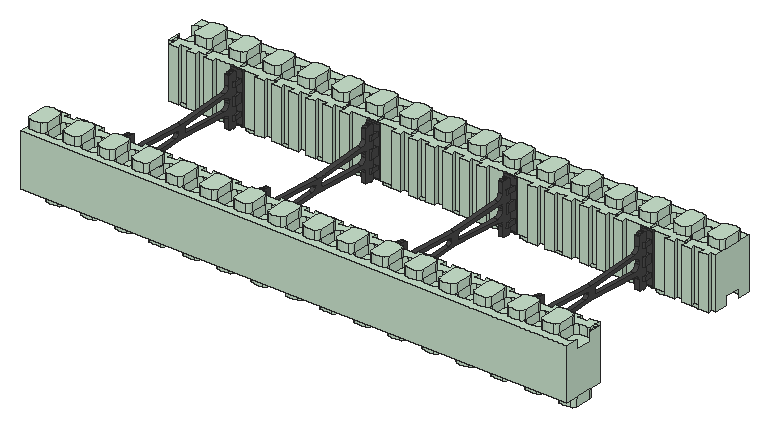
Revit family
Reference planes (in)
  plane 1 "Center (Front/Back)": y = 0
  plane 2: z = 0
  plane 3 "Center (Left/Right)": x = 0
  plane 4: y = 2.625
  plane 5: x = 32
  plane 6: z = 3
  plane 7: y = 10.625
  plane 8: y = 13.25
Forms (in)
  Extrusion 1, solid, material "NUDURA Expanded Polystyrene Foam Insulation"
    sketch origin (0, 0, 0) x (1, 0, 0) y (0, 1, 0)
      loop
        line (0, 2.375) -> (0, 0) -> (32, 0) -> (32, 2.375) -> (31.71883, 2.375) -> (31.78117, 2.625) -> (31.21883, 2.625) -> (31.28117, 2.375) -> (30.71883, 2.375) -> (30.78117, 2.625) -> (30.21883, 2.625) -> (30.28117, 2.375) -> (29.71883, 2.375) -> (29.78117, 2.625) -> (29.21883, 2.625) -> (29.28117, 2.375) -> (26.71883, 2.375) -> (26.78117, 2.625) -> (26.21883, 2.625) -> (26.28117, 2.375) -> (25.71883, 2.375) -> (25.78117, 2.625) -> (25.21883, 2.625) -> (25.28117, 2.375) -> (24.71883, 2.375) -> (24.78117, 2.625) -> (24.21883, 2.625) -> (24.28117, 2.375) -> (23.71883, 2.375) -> (23.78117, 2.625) -> (23.21883, 2.625) -> (23.28117, 2.375) -> (22.71883, 2.375) -> (22.78117, 2.625) -> (22.21883, 2.625) -> (22.28117, 2.375) -> (21.71883, 2.375) -> (21.78117, 2.625) -> (21.21883, 2.625) -> (21.28117, 2.375) -> (18.71883, 2.375) -> (18.78117, 2.625) -> (18.21883, 2.625) -> (18.28117, 2.375) -> (17.71883, 2.375) -> (17.78117, 2.625) -> (17.21883, 2.625) -> (17.28117, 2.375) -> (16.71883, 2.375) -> (16.78117, 2.625) -> (16.21883, 2.625) -> (16.28117, 2.375) -> (15.71883, 2.375) -> (15.78117, 2.625) -> (15.21883, 2.625) -> (15.28117, 2.375) -> (14.71883, 2.375) -> (14.78117, 2.625) -> (14.21883, 2.625) -> (14.28117, 2.375) -> (13.71883, 2.375) -> (13.78117, 2.625) -> (13.21883, 2.625) -> (13.28117, 2.375) -> (10.71883, 2.375) -> (10.78117, 2.625) -> (10.21883, 2.625) -> (10.28117, 2.375) -> (9.71883, 2.375) -> (9.78117, 2.625) -> (9.21883, 2.625) -> (9.28117, 2.375) -> (8.71883, 2.375) -> (8.78117, 2.625) -> (8.21883, 2.625) -> (8.28117, 2.375) -> (7.71883, 2.375) -> (7.78117, 2.625) -> (7.21883, 2.625) -> (7.28117, 2.375) -> (6.71883, 2.375) -> (6.78117, 2.625) -> (6.21883, 2.625) -> (6.28117, 2.375) -> (5.71883, 2.375) -> (5.78117, 2.625) -> (5.21883, 2.625) -> (5.28117, 2.375) -> (2.71883, 2.375) -> (2.78117, 2.625) -> (2.21883, 2.625) -> (2.28117, 2.375) -> (1.71883, 2.375) -> (1.78117, 2.625) -> (1.21883, 2.625) -> (1.28117, 2.375) -> (0.71883, 2.375) -> (0.78117, 2.625) -> (0.21883, 2.625) -> (0.28117, 2.375) -> (0, 2.375)
      loop
        line (0, 10.875) -> (0.28117, 10.875) -> (0.21883, 10.625) -> (0.78117, 10.625) -> (0.71883, 10.875) -> (1.28117, 10.875) -> (1.21883, 10.625) -> (1.78117, 10.625) -> (1.71883, 10.875) -> (2.28117, 10.875) -> (2.21883, 10.625) -> (2.78117, 10.625) -> (2.71883, 10.875) -> (5.28117, 10.875) -> (5.21883, 10.625) -> (5.78117, 10.625) -> (5.71883, 10.875) -> (6.28117, 10.875) -> (6.21883, 10.625) -> (6.78117, 10.625) -> (6.71883, 10.875) -> (7.28117, 10.875) -> (7.21883, 10.625) -> (7.78117, 10.625) -> (7.71883, 10.875) -> (8.28117, 10.875) -> (8.21883, 10.625) -> (8.78117, 10.625) -> (8.71883, 10.875) -> (9.28117, 10.875) -> (9.21883, 10.625) -> (9.78117, 10.625) -> (9.71883, 10.875) -> (10.28117, 10.875) -> (10.21883, 10.625) -> (10.78117, 10.625) -> (10.71883, 10.875) -> (13.28117, 10.875) -> (13.21883, 10.625) -> (13.78117, 10.625) -> (13.71883, 10.875) -> (14.28117, 10.875) -> (14.21883, 10.625) -> (14.78117, 10.625) -> (14.71883, 10.875) -> (15.28117, 10.875) -> (15.21883, 10.625) -> (15.78117, 10.625) -> (15.71883, 10.875) -> (16.28117, 10.875) -> (16.21883, 10.625) -> (16.78117, 10.625) -> (16.71883, 10.875) -> (17.28117, 10.875) -> (17.21883, 10.625) -> (17.78117, 10.625) -> (17.71883, 10.875) -> (18.28117, 10.875) -> (18.21883, 10.625) -> (18.78117, 10.625) -> (18.71883, 10.875) -> (21.28117, 10.875) -> (21.21883, 10.625) -> (21.78117, 10.625) -> (21.71883, 10.875) -> (22.28117, 10.875) -> (22.21883, 10.625) -> (22.78117, 10.625) -> (22.71883, 10.875) -> (23.28117, 10.875) -> (23.21883, 10.625) -> (23.78117, 10.625) -> (23.71883, 10.875) -> (24.28117, 10.875) -> (24.21883, 10.625) -> (24.78117, 10.625) -> (24.71883, 10.875) -> (25.28117, 10.875) -> (25.21883, 10.625) -> (25.78117, 10.625) -> (25.71883, 10.875) -> (26.28117, 10.875) -> (26.21883, 10.625) -> (26.78117, 10.625) -> (26.71883, 10.875) -> (29.28117, 10.875) -> (29.21883, 10.625) -> (29.78117, 10.625) -> (29.71883, 10.875) -> (30.28117, 10.875) -> (30.21883, 10.625) -> (30.78117, 10.625) -> (30.71883, 10.875) -> (31.28117, 10.875) -> (31.21883, 10.625) -> (31.78117, 10.625) -> (31.71883, 10.875) -> (32, 10.875) -> (32, 13.25) -> (0, 13.25) -> (0, 10.875)
    from 0 to 3
  Extrusion 2, void
    sketch origin (0, 0, 0) x (1, 0, 0) y (0, 1, 0)
      loop
        line (1.74592, 2.20655) -> (1.74592, 1.98495)
        arc (1.74592, 1.98495) -> (1.72385, 1.93729) -> (1.67323, 1.92328) r 0.0625
        arc (1.67323, 1.92328) -> (1.42092, 1.93455) -> (1.17308, 1.88595) r 1.0625
        arc (1.17308, 1.88595) -> (1.04785, 1.79517) -> (1, 1.64808) r 0.25
        line (1, 1.64808) -> (1, 0.72692)
        arc (1, 0.72692) -> (1.04785, 0.57983) -> (1.17308, 0.48905) r 0.25
        arc (1.17308, 0.48905) -> (1.5, 0.4375) -> (1.82692, 0.48905) r 1.0625
        arc (1.82692, 0.48905) -> (1.95215, 0.57983) -> (2, 0.72692) r 0.25
        line (2, 0.72692) -> (2, 1.64808)
        arc (2, 1.64808) -> (1.98276, 1.73932) -> (1.9334, 1.81798) r 0.25
        arc (1.9334, 1.81798) -> (1.92106, 1.83764) -> (1.91675, 1.86045) r 0.0625
        line (1.91675, 1.86045) -> (1.91675, 2.20655) -> (1.74592, 2.20655)
    from 3 to 2.5
  Extrusion 3, void
    sketch origin (2, 0, 0) x (1, 0, 0) y (0, 1, 0)
      loop
        line (1.74592, 2.20655) -> (1.74592, 1.98495)
        arc (1.74592, 1.98495) -> (1.72385, 1.93729) -> (1.67323, 1.92328) r 0.0625
        arc (1.67323, 1.92328) -> (1.42092, 1.93455) -> (1.17308, 1.88595) r 1.0625
        arc (1.17308, 1.88595) -> (1.04785, 1.79517) -> (1, 1.64808) r 0.25
        line (1, 1.64808) -> (1, 0.72692)
        arc (1, 0.72692) -> (1.04785, 0.57983) -> (1.17308, 0.48905) r 0.25
        arc (1.17308, 0.48905) -> (1.5, 0.4375) -> (1.82692, 0.48905) r 1.0625
        arc (1.82692, 0.48905) -> (1.95215, 0.57983) -> (2, 0.72692) r 0.25
        line (2, 0.72692) -> (2, 1.64808)
        arc (2, 1.64808) -> (1.98276, 1.73932) -> (1.9334, 1.81798) r 0.25
        arc (1.9334, 1.81798) -> (1.92106, 1.83764) -> (1.91675, 1.86045) r 0.0625
        line (1.91675, 1.86045) -> (1.91675, 2.20655) -> (1.74592, 2.20655)
    from 3 to 2.5
  Extrusion 4, void
    sketch origin (4, 0, 0) x (1, 0, 0) y (0, 1, 0)
      loop
        line (1.74592, 2.20655) -> (1.74592, 1.98495)
        arc (1.74592, 1.98495) -> (1.72385, 1.93729) -> (1.67323, 1.92328) r 0.0625
        arc (1.67323, 1.92328) -> (1.42092, 1.93455) -> (1.17308, 1.88595) r 1.0625
        arc (1.17308, 1.88595) -> (1.04785, 1.79517) -> (1, 1.64808) r 0.25
        line (1, 1.64808) -> (1, 0.72692)
        arc (1, 0.72692) -> (1.04785, 0.57983) -> (1.17308, 0.48905) r 0.25
        arc (1.17308, 0.48905) -> (1.5, 0.4375) -> (1.82692, 0.48905) r 1.0625
        arc (1.82692, 0.48905) -> (1.95215, 0.57983) -> (2, 0.72692) r 0.25
        line (2, 0.72692) -> (2, 1.64808)
        arc (2, 1.64808) -> (1.98276, 1.73932) -> (1.9334, 1.81798) r 0.25
        arc (1.9334, 1.81798) -> (1.92106, 1.83764) -> (1.91675, 1.86045) r 0.0625
        line (1.91675, 1.86045) -> (1.91675, 2.20655) -> (1.74592, 2.20655)
    from 3 to 2.5
  Extrusion 5, void
    sketch origin (6, 0, 0) x (1, 0, 0) y (0, 1, 0)
      loop
        line (1.74592, 2.20655) -> (1.74592, 1.98495)
        arc (1.74592, 1.98495) -> (1.72385, 1.93729) -> (1.67323, 1.92328) r 0.0625
        arc (1.67323, 1.92328) -> (1.42092, 1.93455) -> (1.17308, 1.88595) r 1.0625
        arc (1.17308, 1.88595) -> (1.04785, 1.79517) -> (1, 1.64808) r 0.25
        line (1, 1.64808) -> (1, 0.72692)
        arc (1, 0.72692) -> (1.04785, 0.57983) -> (1.17308, 0.48905) r 0.25
        arc (1.17308, 0.48905) -> (1.5, 0.4375) -> (1.82692, 0.48905) r 1.0625
        arc (1.82692, 0.48905) -> (1.95215, 0.57983) -> (2, 0.72692) r 0.25
        line (2, 0.72692) -> (2, 1.64808)
        arc (2, 1.64808) -> (1.98276, 1.73932) -> (1.9334, 1.81798) r 0.25
        arc (1.9334, 1.81798) -> (1.92106, 1.83764) -> (1.91675, 1.86045) r 0.0625
        line (1.91675, 1.86045) -> (1.91675, 2.20655) -> (1.74592, 2.20655)
    from 3 to 2.5
  Extrusion 6, void
    sketch origin (8, 0, 0) x (1, 0, 0) y (0, 1, 0)
      loop
        line (1.74592, 2.20655) -> (1.74592, 1.98495)
        arc (1.74592, 1.98495) -> (1.72385, 1.93729) -> (1.67323, 1.92328) r 0.0625
        arc (1.67323, 1.92328) -> (1.42092, 1.93455) -> (1.17308, 1.88595) r 1.0625
        arc (1.17308, 1.88595) -> (1.04785, 1.79517) -> (1, 1.64808) r 0.25
        line (1, 1.64808) -> (1, 0.72692)
        arc (1, 0.72692) -> (1.04785, 0.57983) -> (1.17308, 0.48905) r 0.25
        arc (1.17308, 0.48905) -> (1.5, 0.4375) -> (1.82692, 0.48905) r 1.0625
        arc (1.82692, 0.48905) -> (1.95215, 0.57983) -> (2, 0.72692) r 0.25
        line (2, 0.72692) -> (2, 1.64808)
        arc (2, 1.64808) -> (1.98276, 1.73932) -> (1.9334, 1.81798) r 0.25
        arc (1.9334, 1.81798) -> (1.92106, 1.83764) -> (1.91675, 1.86045) r 0.0625
        line (1.91675, 1.86045) -> (1.91675, 2.20655) -> (1.74592, 2.20655)
    from 3 to 2.5
  Extrusion 7, void
    sketch origin (10, 0, 0) x (1, 0, 0) y (0, 1, 0)
      loop
        line (1.74592, 2.20655) -> (1.74592, 1.98495)
        arc (1.74592, 1.98495) -> (1.72385, 1.93729) -> (1.67323, 1.92328) r 0.0625
        arc (1.67323, 1.92328) -> (1.42092, 1.93455) -> (1.17308, 1.88595) r 1.0625
        arc (1.17308, 1.88595) -> (1.04785, 1.79517) -> (1, 1.64808) r 0.25
        line (1, 1.64808) -> (1, 0.72692)
        arc (1, 0.72692) -> (1.04785, 0.57983) -> (1.17308, 0.48905) r 0.25
        arc (1.17308, 0.48905) -> (1.5, 0.4375) -> (1.82692, 0.48905) r 1.0625
        arc (1.82692, 0.48905) -> (1.95215, 0.57983) -> (2, 0.72692) r 0.25
        line (2, 0.72692) -> (2, 1.64808)
        arc (2, 1.64808) -> (1.98276, 1.73932) -> (1.9334, 1.81798) r 0.25
        arc (1.9334, 1.81798) -> (1.92106, 1.83764) -> (1.91675, 1.86045) r 0.0625
        line (1.91675, 1.86045) -> (1.91675, 2.20655) -> (1.74592, 2.20655)
    from 3 to 2.5
  Extrusion 8, void
    sketch origin (12, 0, 0) x (1, 0, 0) y (0, 1, 0)
      loop
        line (1.74592, 2.20655) -> (1.74592, 1.98495)
        arc (1.74592, 1.98495) -> (1.72385, 1.93729) -> (1.67323, 1.92328) r 0.0625
        arc (1.67323, 1.92328) -> (1.42092, 1.93455) -> (1.17308, 1.88595) r 1.0625
        arc (1.17308, 1.88595) -> (1.04785, 1.79517) -> (1, 1.64808) r 0.25
        line (1, 1.64808) -> (1, 0.72692)
        arc (1, 0.72692) -> (1.04785, 0.57983) -> (1.17308, 0.48905) r 0.25
        arc (1.17308, 0.48905) -> (1.5, 0.4375) -> (1.82692, 0.48905) r 1.0625
        arc (1.82692, 0.48905) -> (1.95215, 0.57983) -> (2, 0.72692) r 0.25
        line (2, 0.72692) -> (2, 1.64808)
        arc (2, 1.64808) -> (1.98276, 1.73932) -> (1.9334, 1.81798) r 0.25
        arc (1.9334, 1.81798) -> (1.92106, 1.83764) -> (1.91675, 1.86045) r 0.0625
        line (1.91675, 1.86045) -> (1.91675, 2.20655) -> (1.74592, 2.20655)
    from 3 to 2.5
  Extrusion 9, void
    sketch origin (14, 0, 0) x (1, 0, 0) y (0, 1, 0)
      loop
        line (1.74592, 2.20655) -> (1.74592, 1.98495)
        arc (1.74592, 1.98495) -> (1.72385, 1.93729) -> (1.67323, 1.92328) r 0.0625
        arc (1.67323, 1.92328) -> (1.42092, 1.93455) -> (1.17308, 1.88595) r 1.0625
        arc (1.17308, 1.88595) -> (1.04785, 1.79517) -> (1, 1.64808) r 0.25
        line (1, 1.64808) -> (1, 0.72692)
        arc (1, 0.72692) -> (1.04785, 0.57983) -> (1.17308, 0.48905) r 0.25
        arc (1.17308, 0.48905) -> (1.5, 0.4375) -> (1.82692, 0.48905) r 1.0625
        arc (1.82692, 0.48905) -> (1.95215, 0.57983) -> (2, 0.72692) r 0.25
        line (2, 0.72692) -> (2, 1.64808)
        arc (2, 1.64808) -> (1.98276, 1.73932) -> (1.9334, 1.81798) r 0.25
        arc (1.9334, 1.81798) -> (1.92106, 1.83764) -> (1.91675, 1.86045) r 0.0625
        line (1.91675, 1.86045) -> (1.91675, 2.20655) -> (1.74592, 2.20655)
    from 3 to 2.5
  Extrusion 10, void
    sketch origin (16, 0, 0) x (1, 0, 0) y (0, 1, 0)
      loop
        line (1.74592, 2.20655) -> (1.74592, 1.98495)
        arc (1.74592, 1.98495) -> (1.72385, 1.93729) -> (1.67323, 1.92328) r 0.0625
        arc (1.67323, 1.92328) -> (1.42092, 1.93455) -> (1.17308, 1.88595) r 1.0625
        arc (1.17308, 1.88595) -> (1.04785, 1.79517) -> (1, 1.64808) r 0.25
        line (1, 1.64808) -> (1, 0.72692)
        arc (1, 0.72692) -> (1.04785, 0.57983) -> (1.17308, 0.48905) r 0.25
        arc (1.17308, 0.48905) -> (1.5, 0.4375) -> (1.82692, 0.48905) r 1.0625
        arc (1.82692, 0.48905) -> (1.95215, 0.57983) -> (2, 0.72692) r 0.25
        line (2, 0.72692) -> (2, 1.64808)
        arc (2, 1.64808) -> (1.98276, 1.73932) -> (1.9334, 1.81798) r 0.25
        arc (1.9334, 1.81798) -> (1.92106, 1.83764) -> (1.91675, 1.86045) r 0.0625
        line (1.91675, 1.86045) -> (1.91675, 2.20655) -> (1.74592, 2.20655)
    from 3 to 2.5
  Extrusion 11, void
    sketch origin (18, 0, 0) x (1, 0, 0) y (0, 1, 0)
      loop
        line (1.74592, 2.20655) -> (1.74592, 1.98495)
        arc (1.74592, 1.98495) -> (1.72385, 1.93729) -> (1.67323, 1.92328) r 0.0625
        arc (1.67323, 1.92328) -> (1.42092, 1.93455) -> (1.17308, 1.88595) r 1.0625
        arc (1.17308, 1.88595) -> (1.04785, 1.79517) -> (1, 1.64808) r 0.25
        line (1, 1.64808) -> (1, 0.72692)
        arc (1, 0.72692) -> (1.04785, 0.57983) -> (1.17308, 0.48905) r 0.25
        arc (1.17308, 0.48905) -> (1.5, 0.4375) -> (1.82692, 0.48905) r 1.0625
        arc (1.82692, 0.48905) -> (1.95215, 0.57983) -> (2, 0.72692) r 0.25
        line (2, 0.72692) -> (2, 1.64808)
        arc (2, 1.64808) -> (1.98276, 1.73932) -> (1.9334, 1.81798) r 0.25
        arc (1.9334, 1.81798) -> (1.92106, 1.83764) -> (1.91675, 1.86045) r 0.0625
        line (1.91675, 1.86045) -> (1.91675, 2.20655) -> (1.74592, 2.20655)
    from 3 to 2.5
  Extrusion 12, void
    sketch origin (20, 0, 0) x (1, 0, 0) y (0, 1, 0)
      loop
        line (1.74592, 2.20655) -> (1.74592, 1.98495)
        arc (1.74592, 1.98495) -> (1.72385, 1.93729) -> (1.67323, 1.92328) r 0.0625
        arc (1.67323, 1.92328) -> (1.42092, 1.93455) -> (1.17308, 1.88595) r 1.0625
        arc (1.17308, 1.88595) -> (1.04785, 1.79517) -> (1, 1.64808) r 0.25
        line (1, 1.64808) -> (1, 0.72692)
        arc (1, 0.72692) -> (1.04785, 0.57983) -> (1.17308, 0.48905) r 0.25
        arc (1.17308, 0.48905) -> (1.5, 0.4375) -> (1.82692, 0.48905) r 1.0625
        arc (1.82692, 0.48905) -> (1.95215, 0.57983) -> (2, 0.72692) r 0.25
        line (2, 0.72692) -> (2, 1.64808)
        arc (2, 1.64808) -> (1.98276, 1.73932) -> (1.9334, 1.81798) r 0.25
        arc (1.9334, 1.81798) -> (1.92106, 1.83764) -> (1.91675, 1.86045) r 0.0625
        line (1.91675, 1.86045) -> (1.91675, 2.20655) -> (1.74592, 2.20655)
    from 3 to 2.5
  Extrusion 13, void
    sketch origin (22, 0, 0) x (1, 0, 0) y (0, 1, 0)
      loop
        line (1.74592, 2.20655) -> (1.74592, 1.98495)
        arc (1.74592, 1.98495) -> (1.72385, 1.93729) -> (1.67323, 1.92328) r 0.0625
        arc (1.67323, 1.92328) -> (1.42092, 1.93455) -> (1.17308, 1.88595) r 1.0625
        arc (1.17308, 1.88595) -> (1.04785, 1.79517) -> (1, 1.64808) r 0.25
        line (1, 1.64808) -> (1, 0.72692)
        arc (1, 0.72692) -> (1.04785, 0.57983) -> (1.17308, 0.48905) r 0.25
        arc (1.17308, 0.48905) -> (1.5, 0.4375) -> (1.82692, 0.48905) r 1.0625
        arc (1.82692, 0.48905) -> (1.95215, 0.57983) -> (2, 0.72692) r 0.25
        line (2, 0.72692) -> (2, 1.64808)
        arc (2, 1.64808) -> (1.98276, 1.73932) -> (1.9334, 1.81798) r 0.25
        arc (1.9334, 1.81798) -> (1.92106, 1.83764) -> (1.91675, 1.86045) r 0.0625
        line (1.91675, 1.86045) -> (1.91675, 2.20655) -> (1.74592, 2.20655)
    from 3 to 2.5
  Extrusion 14, void
    sketch origin (24, 0, 0) x (1, 0, 0) y (0, 1, 0)
      loop
        line (1.74592, 2.20655) -> (1.74592, 1.98495)
        arc (1.74592, 1.98495) -> (1.72385, 1.93729) -> (1.67323, 1.92328) r 0.0625
        arc (1.67323, 1.92328) -> (1.42092, 1.93455) -> (1.17308, 1.88595) r 1.0625
        arc (1.17308, 1.88595) -> (1.04785, 1.79517) -> (1, 1.64808) r 0.25
        line (1, 1.64808) -> (1, 0.72692)
        arc (1, 0.72692) -> (1.04785, 0.57983) -> (1.17308, 0.48905) r 0.25
        arc (1.17308, 0.48905) -> (1.5, 0.4375) -> (1.82692, 0.48905) r 1.0625
        arc (1.82692, 0.48905) -> (1.95215, 0.57983) -> (2, 0.72692) r 0.25
        line (2, 0.72692) -> (2, 1.64808)
        arc (2, 1.64808) -> (1.98276, 1.73932) -> (1.9334, 1.81798) r 0.25
        arc (1.9334, 1.81798) -> (1.92106, 1.83764) -> (1.91675, 1.86045) r 0.0625
        line (1.91675, 1.86045) -> (1.91675, 2.20655) -> (1.74592, 2.20655)
    from 3 to 2.5
  Extrusion 15, void
    sketch origin (26, 0, 0) x (1, 0, 0) y (0, 1, 0)
      loop
        line (1.74592, 2.20655) -> (1.74592, 1.98495)
        arc (1.74592, 1.98495) -> (1.72385, 1.93729) -> (1.67323, 1.92328) r 0.0625
        arc (1.67323, 1.92328) -> (1.42092, 1.93455) -> (1.17308, 1.88595) r 1.0625
        arc (1.17308, 1.88595) -> (1.04785, 1.79517) -> (1, 1.64808) r 0.25
        line (1, 1.64808) -> (1, 0.72692)
        arc (1, 0.72692) -> (1.04785, 0.57983) -> (1.17308, 0.48905) r 0.25
        arc (1.17308, 0.48905) -> (1.5, 0.4375) -> (1.82692, 0.48905) r 1.0625
        arc (1.82692, 0.48905) -> (1.95215, 0.57983) -> (2, 0.72692) r 0.25
        line (2, 0.72692) -> (2, 1.64808)
        arc (2, 1.64808) -> (1.98276, 1.73932) -> (1.9334, 1.81798) r 0.25
        arc (1.9334, 1.81798) -> (1.92106, 1.83764) -> (1.91675, 1.86045) r 0.0625
        line (1.91675, 1.86045) -> (1.91675, 2.20655) -> (1.74592, 2.20655)
    from 3 to 2.5
  Extrusion 16, void
    sketch origin (28, 0, 0) x (1, 0, 0) y (0, 1, 0)
      loop
        line (1.74592, 2.20655) -> (1.74592, 1.98495)
        arc (1.74592, 1.98495) -> (1.72385, 1.93729) -> (1.67323, 1.92328) r 0.0625
        arc (1.67323, 1.92328) -> (1.42092, 1.93455) -> (1.17308, 1.88595) r 1.0625
        arc (1.17308, 1.88595) -> (1.04785, 1.79517) -> (1, 1.64808) r 0.25
        line (1, 1.64808) -> (1, 0.72692)
        arc (1, 0.72692) -> (1.04785, 0.57983) -> (1.17308, 0.48905) r 0.25
        arc (1.17308, 0.48905) -> (1.5, 0.4375) -> (1.82692, 0.48905) r 1.0625
        arc (1.82692, 0.48905) -> (1.95215, 0.57983) -> (2, 0.72692) r 0.25
        line (2, 0.72692) -> (2, 1.64808)
        arc (2, 1.64808) -> (1.98276, 1.73932) -> (1.9334, 1.81798) r 0.25
        arc (1.9334, 1.81798) -> (1.92106, 1.83764) -> (1.91675, 1.86045) r 0.0625
        line (1.91675, 1.86045) -> (1.91675, 2.20655) -> (1.74592, 2.20655)
    from 3 to 2.5
  Extrusion 17, void
    sketch origin (30, 0, 0) x (1, 0, 0) y (0, 1, 0)
      loop
        line (1.74592, 2.20655) -> (1.74592, 1.98495)
        arc (1.74592, 1.98495) -> (1.72385, 1.93729) -> (1.67323, 1.92328) r 0.0625
        arc (1.67323, 1.92328) -> (1.42092, 1.93455) -> (1.17308, 1.88595) r 1.0625
        arc (1.17308, 1.88595) -> (1.04785, 1.79517) -> (1, 1.64808) r 0.25
        line (1, 1.64808) -> (1, 0.72692)
        arc (1, 0.72692) -> (1.04785, 0.57983) -> (1.17308, 0.48905) r 0.25
        arc (1.17308, 0.48905) -> (1.5, 0.4375) -> (1.82692, 0.48905) r 1.0625
        arc (1.82692, 0.48905) -> (1.95215, 0.57983) -> (2, 0.72692) r 0.25
        line (2, 0.72692) -> (2, 1.64808)
        arc (2, 1.64808) -> (1.98276, 1.73932) -> (1.9334, 1.81798) r 0.25
        arc (1.9334, 1.81798) -> (1.92106, 1.83764) -> (1.91675, 1.86045) r 0.0625
        line (1.91675, 1.86045) -> (1.91675, 2.20655) -> (1.74592, 2.20655)
    from 3 to 2.5
  Extrusion 18, void
    sketch origin (0, 0, 0) x (1, 0, 0) y (0, 1, 0)
      loop
        line (0.25408, 2.20655) -> (0.08325, 2.20655) -> (0.08325, 1.86045)
        arc (0.08325, 1.86045) -> (0.07894, 1.83764) -> (0.0666, 1.81798) r 0.0625
        arc (0.0666, 1.81798) -> (0.01724, 1.73932) -> (0, 1.64808) r 0.25
        line (0, 1.64808) -> (0, 0.72692)
        arc (0, 0.72692) -> (0.04785, 0.57983) -> (0.17308, 0.48905) r 0.25
        arc (0.17308, 0.48905) -> (0.5, 0.4375) -> (0.82692, 0.48905) r 1.0625
        arc (0.82692, 0.48905) -> (0.95215, 0.57983) -> (1, 0.72692) r 0.25
        line (1, 0.72692) -> (1, 1.64808)
        arc (1, 1.64808) -> (0.95215, 1.79517) -> (0.82692, 1.88595) r 0.25
        arc (0.82692, 1.88595) -> (0.57908, 1.93455) -> (0.32677, 1.92328) r 1.0625
        arc (0.32677, 1.92328) -> (0.27615, 1.93729) -> (0.25408, 1.98495) r 0.0625
        line (0.25408, 1.98495) -> (0.25408, 2.20655)
    from 0 to 0.5
  Extrusion 19, void
    sketch origin (2, 0, 0) x (1, 0, 0) y (0, 1, 0)
      loop
        line (0.25408, 2.20655) -> (0.08325, 2.20655) -> (0.08325, 1.86045)
        arc (0.08325, 1.86045) -> (0.07894, 1.83764) -> (0.0666, 1.81798) r 0.0625
        arc (0.0666, 1.81798) -> (0.01724, 1.73932) -> (0, 1.64808) r 0.25
        line (0, 1.64808) -> (0, 0.72692)
        arc (0, 0.72692) -> (0.04785, 0.57983) -> (0.17308, 0.48905) r 0.25
        arc (0.17308, 0.48905) -> (0.5, 0.4375) -> (0.82692, 0.48905) r 1.0625
        arc (0.82692, 0.48905) -> (0.95215, 0.57983) -> (1, 0.72692) r 0.25
        line (1, 0.72692) -> (1, 1.64808)
        arc (1, 1.64808) -> (0.95215, 1.79517) -> (0.82692, 1.88595) r 0.25
        arc (0.82692, 1.88595) -> (0.57908, 1.93455) -> (0.32677, 1.92328) r 1.0625
        arc (0.32677, 1.92328) -> (0.27615, 1.93729) -> (0.25408, 1.98495) r 0.0625
        line (0.25408, 1.98495) -> (0.25408, 2.20655)
    from 0 to 0.5
  Extrusion 20, void
    sketch origin (4, 0, 0) x (1, 0, 0) y (0, 1, 0)
      loop
        line (0.25408, 2.20655) -> (0.08325, 2.20655) -> (0.08325, 1.86045)
        arc (0.08325, 1.86045) -> (0.07894, 1.83764) -> (0.0666, 1.81798) r 0.0625
        arc (0.0666, 1.81798) -> (0.01724, 1.73932) -> (0, 1.64808) r 0.25
        line (0, 1.64808) -> (0, 0.72692)
        arc (0, 0.72692) -> (0.04785, 0.57983) -> (0.17308, 0.48905) r 0.25
        arc (0.17308, 0.48905) -> (0.5, 0.4375) -> (0.82692, 0.48905) r 1.0625
        arc (0.82692, 0.48905) -> (0.95215, 0.57983) -> (1, 0.72692) r 0.25
        line (1, 0.72692) -> (1, 1.64808)
        arc (1, 1.64808) -> (0.95215, 1.79517) -> (0.82692, 1.88595) r 0.25
        arc (0.82692, 1.88595) -> (0.57908, 1.93455) -> (0.32677, 1.92328) r 1.0625
        arc (0.32677, 1.92328) -> (0.27615, 1.93729) -> (0.25408, 1.98495) r 0.0625
        line (0.25408, 1.98495) -> (0.25408, 2.20655)
    from 0 to 0.5
  Extrusion 21, void
    sketch origin (6, 0, 0) x (1, 0, 0) y (0, 1, 0)
      loop
        line (0.25408, 2.20655) -> (0.08325, 2.20655) -> (0.08325, 1.86045)
        arc (0.08325, 1.86045) -> (0.07894, 1.83764) -> (0.0666, 1.81798) r 0.0625
        arc (0.0666, 1.81798) -> (0.01724, 1.73932) -> (0, 1.64808) r 0.25
        line (0, 1.64808) -> (0, 0.72692)
        arc (0, 0.72692) -> (0.04785, 0.57983) -> (0.17308, 0.48905) r 0.25
        arc (0.17308, 0.48905) -> (0.5, 0.4375) -> (0.82692, 0.48905) r 1.0625
        arc (0.82692, 0.48905) -> (0.95215, 0.57983) -> (1, 0.72692) r 0.25
        line (1, 0.72692) -> (1, 1.64808)
        arc (1, 1.64808) -> (0.95215, 1.79517) -> (0.82692, 1.88595) r 0.25
        arc (0.82692, 1.88595) -> (0.57908, 1.93455) -> (0.32677, 1.92328) r 1.0625
        arc (0.32677, 1.92328) -> (0.27615, 1.93729) -> (0.25408, 1.98495) r 0.0625
        line (0.25408, 1.98495) -> (0.25408, 2.20655)
    from 0 to 0.5
  Extrusion 22, void
    sketch origin (8, 0, 0) x (1, 0, 0) y (0, 1, 0)
      loop
        line (0.25408, 2.20655) -> (0.08325, 2.20655) -> (0.08325, 1.86045)
        arc (0.08325, 1.86045) -> (0.07894, 1.83764) -> (0.0666, 1.81798) r 0.0625
        arc (0.0666, 1.81798) -> (0.01724, 1.73932) -> (0, 1.64808) r 0.25
        line (0, 1.64808) -> (0, 0.72692)
        arc (0, 0.72692) -> (0.04785, 0.57983) -> (0.17308, 0.48905) r 0.25
        arc (0.17308, 0.48905) -> (0.5, 0.4375) -> (0.82692, 0.48905) r 1.0625
        arc (0.82692, 0.48905) -> (0.95215, 0.57983) -> (1, 0.72692) r 0.25
        line (1, 0.72692) -> (1, 1.64808)
        arc (1, 1.64808) -> (0.95215, 1.79517) -> (0.82692, 1.88595) r 0.25
        arc (0.82692, 1.88595) -> (0.57908, 1.93455) -> (0.32677, 1.92328) r 1.0625
        arc (0.32677, 1.92328) -> (0.27615, 1.93729) -> (0.25408, 1.98495) r 0.0625
        line (0.25408, 1.98495) -> (0.25408, 2.20655)
    from 0 to 0.5
  Extrusion 23, void
    sketch origin (10, 0, 0) x (1, 0, 0) y (0, 1, 0)
      loop
        line (0.25408, 2.20655) -> (0.08325, 2.20655) -> (0.08325, 1.86045)
        arc (0.08325, 1.86045) -> (0.07894, 1.83764) -> (0.0666, 1.81798) r 0.0625
        arc (0.0666, 1.81798) -> (0.01724, 1.73932) -> (0, 1.64808) r 0.25
        line (0, 1.64808) -> (0, 0.72692)
        arc (0, 0.72692) -> (0.04785, 0.57983) -> (0.17308, 0.48905) r 0.25
        arc (0.17308, 0.48905) -> (0.5, 0.4375) -> (0.82692, 0.48905) r 1.0625
        arc (0.82692, 0.48905) -> (0.95215, 0.57983) -> (1, 0.72692) r 0.25
        line (1, 0.72692) -> (1, 1.64808)
        arc (1, 1.64808) -> (0.95215, 1.79517) -> (0.82692, 1.88595) r 0.25
        arc (0.82692, 1.88595) -> (0.57908, 1.93455) -> (0.32677, 1.92328) r 1.0625
        arc (0.32677, 1.92328) -> (0.27615, 1.93729) -> (0.25408, 1.98495) r 0.0625
        line (0.25408, 1.98495) -> (0.25408, 2.20655)
    from 0 to 0.5
  Extrusion 24, void
    sketch origin (12, 0, 0) x (1, 0, 0) y (0, 1, 0)
      loop
        line (0.25408, 2.20655) -> (0.08325, 2.20655) -> (0.08325, 1.86045)
        arc (0.08325, 1.86045) -> (0.07894, 1.83764) -> (0.0666, 1.81798) r 0.0625
        arc (0.0666, 1.81798) -> (0.01724, 1.73932) -> (0, 1.64808) r 0.25
        line (0, 1.64808) -> (0, 0.72692)
        arc (0, 0.72692) -> (0.04785, 0.57983) -> (0.17308, 0.48905) r 0.25
        arc (0.17308, 0.48905) -> (0.5, 0.4375) -> (0.82692, 0.48905) r 1.0625
        arc (0.82692, 0.48905) -> (0.95215, 0.57983) -> (1, 0.72692) r 0.25
        line (1, 0.72692) -> (1, 1.64808)
        arc (1, 1.64808) -> (0.95215, 1.79517) -> (0.82692, 1.88595) r 0.25
        arc (0.82692, 1.88595) -> (0.57908, 1.93455) -> (0.32677, 1.92328) r 1.0625
        arc (0.32677, 1.92328) -> (0.27615, 1.93729) -> (0.25408, 1.98495) r 0.0625
        line (0.25408, 1.98495) -> (0.25408, 2.20655)
    from 0 to 0.5
  Extrusion 25, void
    sketch origin (14, 0, 0) x (1, 0, 0) y (0, 1, 0)
      loop
        line (0.25408, 2.20655) -> (0.08325, 2.20655) -> (0.08325, 1.86045)
        arc (0.08325, 1.86045) -> (0.07894, 1.83764) -> (0.0666, 1.81798) r 0.0625
        arc (0.0666, 1.81798) -> (0.01724, 1.73932) -> (0, 1.64808) r 0.25
        line (0, 1.64808) -> (0, 0.72692)
        arc (0, 0.72692) -> (0.04785, 0.57983) -> (0.17308, 0.48905) r 0.25
        arc (0.17308, 0.48905) -> (0.5, 0.4375) -> (0.82692, 0.48905) r 1.0625
        arc (0.82692, 0.48905) -> (0.95215, 0.57983) -> (1, 0.72692) r 0.25
        line (1, 0.72692) -> (1, 1.64808)
        arc (1, 1.64808) -> (0.95215, 1.79517) -> (0.82692, 1.88595) r 0.25
        arc (0.82692, 1.88595) -> (0.57908, 1.93455) -> (0.32677, 1.92328) r 1.0625
        arc (0.32677, 1.92328) -> (0.27615, 1.93729) -> (0.25408, 1.98495) r 0.0625
        line (0.25408, 1.98495) -> (0.25408, 2.20655)
    from 0 to 0.5
  Extrusion 26, void
    sketch origin (16, 0, 0) x (1, 0, 0) y (0, 1, 0)
      loop
        line (0.25408, 2.20655) -> (0.08325, 2.20655) -> (0.08325, 1.86045)
        arc (0.08325, 1.86045) -> (0.07894, 1.83764) -> (0.0666, 1.81798) r 0.0625
        arc (0.0666, 1.81798) -> (0.01724, 1.73932) -> (0, 1.64808) r 0.25
        line (0, 1.64808) -> (0, 0.72692)
        arc (0, 0.72692) -> (0.04785, 0.57983) -> (0.17308, 0.48905) r 0.25
        arc (0.17308, 0.48905) -> (0.5, 0.4375) -> (0.82692, 0.48905) r 1.0625
        arc (0.82692, 0.48905) -> (0.95215, 0.57983) -> (1, 0.72692) r 0.25
        line (1, 0.72692) -> (1, 1.64808)
        arc (1, 1.64808) -> (0.95215, 1.79517) -> (0.82692, 1.88595) r 0.25
        arc (0.82692, 1.88595) -> (0.57908, 1.93455) -> (0.32677, 1.92328) r 1.0625
        arc (0.32677, 1.92328) -> (0.27615, 1.93729) -> (0.25408, 1.98495) r 0.0625
        line (0.25408, 1.98495) -> (0.25408, 2.20655)
    from 0 to 0.5
  Extrusion 27, void
    sketch origin (18, 0, 0) x (1, 0, 0) y (0, 1, 0)
      loop
        line (0.25408, 2.20655) -> (0.08325, 2.20655) -> (0.08325, 1.86045)
        arc (0.08325, 1.86045) -> (0.07894, 1.83764) -> (0.0666, 1.81798) r 0.0625
        arc (0.0666, 1.81798) -> (0.01724, 1.73932) -> (0, 1.64808) r 0.25
        line (0, 1.64808) -> (0, 0.72692)
        arc (0, 0.72692) -> (0.04785, 0.57983) -> (0.17308, 0.48905) r 0.25
        arc (0.17308, 0.48905) -> (0.5, 0.4375) -> (0.82692, 0.48905) r 1.0625
        arc (0.82692, 0.48905) -> (0.95215, 0.57983) -> (1, 0.72692) r 0.25
        line (1, 0.72692) -> (1, 1.64808)
        arc (1, 1.64808) -> (0.95215, 1.79517) -> (0.82692, 1.88595) r 0.25
        arc (0.82692, 1.88595) -> (0.57908, 1.93455) -> (0.32677, 1.92328) r 1.0625
        arc (0.32677, 1.92328) -> (0.27615, 1.93729) -> (0.25408, 1.98495) r 0.0625
        line (0.25408, 1.98495) -> (0.25408, 2.20655)
    from 0 to 0.5
  Extrusion 28, void
    sketch origin (20, 0, 0) x (1, 0, 0) y (0, 1, 0)
      loop
        line (0.25408, 2.20655) -> (0.08325, 2.20655) -> (0.08325, 1.86045)
        arc (0.08325, 1.86045) -> (0.07894, 1.83764) -> (0.0666, 1.81798) r 0.0625
        arc (0.0666, 1.81798) -> (0.01724, 1.73932) -> (0, 1.64808) r 0.25
        line (0, 1.64808) -> (0, 0.72692)
        arc (0, 0.72692) -> (0.04785, 0.57983) -> (0.17308, 0.48905) r 0.25
        arc (0.17308, 0.48905) -> (0.5, 0.4375) -> (0.82692, 0.48905) r 1.0625
        arc (0.82692, 0.48905) -> (0.95215, 0.57983) -> (1, 0.72692) r 0.25
        line (1, 0.72692) -> (1, 1.64808)
        arc (1, 1.64808) -> (0.95215, 1.79517) -> (0.82692, 1.88595) r 0.25
        arc (0.82692, 1.88595) -> (0.57908, 1.93455) -> (0.32677, 1.92328) r 1.0625
        arc (0.32677, 1.92328) -> (0.27615, 1.93729) -> (0.25408, 1.98495) r 0.0625
        line (0.25408, 1.98495) -> (0.25408, 2.20655)
    from 0 to 0.5
  Extrusion 29, void
    sketch origin (22, 0, 0) x (1, 0, 0) y (0, 1, 0)
      loop
        line (0.25408, 2.20655) -> (0.08325, 2.20655) -> (0.08325, 1.86045)
        arc (0.08325, 1.86045) -> (0.07894, 1.83764) -> (0.0666, 1.81798) r 0.0625
        arc (0.0666, 1.81798) -> (0.01724, 1.73932) -> (0, 1.64808) r 0.25
        line (0, 1.64808) -> (0, 0.72692)
        arc (0, 0.72692) -> (0.04785, 0.57983) -> (0.17308, 0.48905) r 0.25
        arc (0.17308, 0.48905) -> (0.5, 0.4375) -> (0.82692, 0.48905) r 1.0625
        arc (0.82692, 0.48905) -> (0.95215, 0.57983) -> (1, 0.72692) r 0.25
        line (1, 0.72692) -> (1, 1.64808)
        arc (1, 1.64808) -> (0.95215, 1.79517) -> (0.82692, 1.88595) r 0.25
        arc (0.82692, 1.88595) -> (0.57908, 1.93455) -> (0.32677, 1.92328) r 1.0625
        arc (0.32677, 1.92328) -> (0.27615, 1.93729) -> (0.25408, 1.98495) r 0.0625
        line (0.25408, 1.98495) -> (0.25408, 2.20655)
    from 0 to 0.5
  Extrusion 30, void
    sketch origin (24, 0, 0) x (1, 0, 0) y (0, 1, 0)
      loop
        line (0.25408, 2.20655) -> (0.08325, 2.20655) -> (0.08325, 1.86045)
        arc (0.08325, 1.86045) -> (0.07894, 1.83764) -> (0.0666, 1.81798) r 0.0625
        arc (0.0666, 1.81798) -> (0.01724, 1.73932) -> (0, 1.64808) r 0.25
        line (0, 1.64808) -> (0, 0.72692)
        arc (0, 0.72692) -> (0.04785, 0.57983) -> (0.17308, 0.48905) r 0.25
        arc (0.17308, 0.48905) -> (0.5, 0.4375) -> (0.82692, 0.48905) r 1.0625
        arc (0.82692, 0.48905) -> (0.95215, 0.57983) -> (1, 0.72692) r 0.25
        line (1, 0.72692) -> (1, 1.64808)
        arc (1, 1.64808) -> (0.95215, 1.79517) -> (0.82692, 1.88595) r 0.25
        arc (0.82692, 1.88595) -> (0.57908, 1.93455) -> (0.32677, 1.92328) r 1.0625
        arc (0.32677, 1.92328) -> (0.27615, 1.93729) -> (0.25408, 1.98495) r 0.0625
        line (0.25408, 1.98495) -> (0.25408, 2.20655)
    from 0 to 0.5
  Extrusion 31, void
    sketch origin (26, 0, 0) x (1, 0, 0) y (0, 1, 0)
      loop
        line (0.25408, 2.20655) -> (0.08325, 2.20655) -> (0.08325, 1.86045)
        arc (0.08325, 1.86045) -> (0.07894, 1.83764) -> (0.0666, 1.81798) r 0.0625
        arc (0.0666, 1.81798) -> (0.01724, 1.73932) -> (0, 1.64808) r 0.25
        line (0, 1.64808) -> (0, 0.72692)
        arc (0, 0.72692) -> (0.04785, 0.57983) -> (0.17308, 0.48905) r 0.25
        arc (0.17308, 0.48905) -> (0.5, 0.4375) -> (0.82692, 0.48905) r 1.0625
        arc (0.82692, 0.48905) -> (0.95215, 0.57983) -> (1, 0.72692) r 0.25
        line (1, 0.72692) -> (1, 1.64808)
        arc (1, 1.64808) -> (0.95215, 1.79517) -> (0.82692, 1.88595) r 0.25
        arc (0.82692, 1.88595) -> (0.57908, 1.93455) -> (0.32677, 1.92328) r 1.0625
        arc (0.32677, 1.92328) -> (0.27615, 1.93729) -> (0.25408, 1.98495) r 0.0625
        line (0.25408, 1.98495) -> (0.25408, 2.20655)
    from 0 to 0.5
  Extrusion 32, void
    sketch origin (28, 0, 0) x (1, 0, 0) y (0, 1, 0)
      loop
        line (0.25408, 2.20655) -> (0.08325, 2.20655) -> (0.08325, 1.86045)
        arc (0.08325, 1.86045) -> (0.07894, 1.83764) -> (0.0666, 1.81798) r 0.0625
        arc (0.0666, 1.81798) -> (0.01724, 1.73932) -> (0, 1.64808) r 0.25
        line (0, 1.64808) -> (0, 0.72692)
        arc (0, 0.72692) -> (0.04785, 0.57983) -> (0.17308, 0.48905) r 0.25
        arc (0.17308, 0.48905) -> (0.5, 0.4375) -> (0.82692, 0.48905) r 1.0625
        arc (0.82692, 0.48905) -> (0.95215, 0.57983) -> (1, 0.72692) r 0.25
        line (1, 0.72692) -> (1, 1.64808)
        arc (1, 1.64808) -> (0.95215, 1.79517) -> (0.82692, 1.88595) r 0.25
        arc (0.82692, 1.88595) -> (0.57908, 1.93455) -> (0.32677, 1.92328) r 1.0625
        arc (0.32677, 1.92328) -> (0.27615, 1.93729) -> (0.25408, 1.98495) r 0.0625
        line (0.25408, 1.98495) -> (0.25408, 2.20655)
    from 0 to 0.5
  Extrusion 33, void
    sketch origin (30, 0, 0) x (1, 0, 0) y (0, 1, 0)
      loop
        line (0.25408, 2.20655) -> (0.08325, 2.20655) -> (0.08325, 1.86045)
        arc (0.08325, 1.86045) -> (0.07894, 1.83764) -> (0.0666, 1.81798) r 0.0625
        arc (0.0666, 1.81798) -> (0.01724, 1.73932) -> (0, 1.64808) r 0.25
        line (0, 1.64808) -> (0, 0.72692)
        arc (0, 0.72692) -> (0.04785, 0.57983) -> (0.17308, 0.48905) r 0.25
        arc (0.17308, 0.48905) -> (0.5, 0.4375) -> (0.82692, 0.48905) r 1.0625
        arc (0.82692, 0.48905) -> (0.95215, 0.57983) -> (1, 0.72692) r 0.25
        line (1, 0.72692) -> (1, 1.64808)
        arc (1, 1.64808) -> (0.95215, 1.79517) -> (0.82692, 1.88595) r 0.25
        arc (0.82692, 1.88595) -> (0.57908, 1.93455) -> (0.32677, 1.92328) r 1.0625
        arc (0.32677, 1.92328) -> (0.27615, 1.93729) -> (0.25408, 1.98495) r 0.0625
        line (0.25408, 1.98495) -> (0.25408, 2.20655)
    from 0 to 0.5
  Extrusion 34, void
    sketch origin (32, 13.25, 0) x (-1, 0, 0) y (0, -1, 0)
      loop
        line (1.74592, 2.20655) -> (1.74592, 1.98495)
        arc (1.74592, 1.98495) -> (1.72385, 1.93729) -> (1.67323, 1.92328) r 0.0625
        arc (1.67323, 1.92328) -> (1.42092, 1.93455) -> (1.17308, 1.88595) r 1.0625
        arc (1.17308, 1.88595) -> (1.04785, 1.79517) -> (1, 1.64808) r 0.25
        line (1, 1.64808) -> (1, 0.72692)
        arc (1, 0.72692) -> (1.04785, 0.57983) -> (1.17308, 0.48905) r 0.25
        arc (1.17308, 0.48905) -> (1.5, 0.4375) -> (1.82692, 0.48905) r 1.0625
        arc (1.82692, 0.48905) -> (1.95215, 0.57983) -> (2, 0.72692) r 0.25
        line (2, 0.72692) -> (2, 1.64808)
        arc (2, 1.64808) -> (1.98276, 1.73932) -> (1.9334, 1.81798) r 0.25
        arc (1.9334, 1.81798) -> (1.92106, 1.83764) -> (1.91675, 1.86045) r 0.0625
        line (1.91675, 1.86045) -> (1.91675, 2.20655) -> (1.74592, 2.20655)
    from 3 to 2.5
  Extrusion 35, void
    sketch origin (30, 13.25, 0) x (-1, 0, 0) y (0, -1, 0)
      loop
        line (1.74592, 2.20655) -> (1.74592, 1.98495)
        arc (1.74592, 1.98495) -> (1.72385, 1.93729) -> (1.67323, 1.92328) r 0.0625
        arc (1.67323, 1.92328) -> (1.42092, 1.93455) -> (1.17308, 1.88595) r 1.0625
        arc (1.17308, 1.88595) -> (1.04785, 1.79517) -> (1, 1.64808) r 0.25
        line (1, 1.64808) -> (1, 0.72692)
        arc (1, 0.72692) -> (1.04785, 0.57983) -> (1.17308, 0.48905) r 0.25
        arc (1.17308, 0.48905) -> (1.5, 0.4375) -> (1.82692, 0.48905) r 1.0625
        arc (1.82692, 0.48905) -> (1.95215, 0.57983) -> (2, 0.72692) r 0.25
        line (2, 0.72692) -> (2, 1.64808)
        arc (2, 1.64808) -> (1.98276, 1.73932) -> (1.9334, 1.81798) r 0.25
        arc (1.9334, 1.81798) -> (1.92106, 1.83764) -> (1.91675, 1.86045) r 0.0625
        line (1.91675, 1.86045) -> (1.91675, 2.20655) -> (1.74592, 2.20655)
    from 3 to 2.5
  Extrusion 36, void
    sketch origin (28, 13.25, 0) x (-1, 0, 0) y (0, -1, 0)
      loop
        line (1.74592, 2.20655) -> (1.74592, 1.98495)
        arc (1.74592, 1.98495) -> (1.72385, 1.93729) -> (1.67323, 1.92328) r 0.0625
        arc (1.67323, 1.92328) -> (1.42092, 1.93455) -> (1.17308, 1.88595) r 1.0625
        arc (1.17308, 1.88595) -> (1.04785, 1.79517) -> (1, 1.64808) r 0.25
        line (1, 1.64808) -> (1, 0.72692)
        arc (1, 0.72692) -> (1.04785, 0.57983) -> (1.17308, 0.48905) r 0.25
        arc (1.17308, 0.48905) -> (1.5, 0.4375) -> (1.82692, 0.48905) r 1.0625
        arc (1.82692, 0.48905) -> (1.95215, 0.57983) -> (2, 0.72692) r 0.25
        line (2, 0.72692) -> (2, 1.64808)
        arc (2, 1.64808) -> (1.98276, 1.73932) -> (1.9334, 1.81798) r 0.25
        arc (1.9334, 1.81798) -> (1.92106, 1.83764) -> (1.91675, 1.86045) r 0.0625
        line (1.91675, 1.86045) -> (1.91675, 2.20655) -> (1.74592, 2.20655)
    from 3 to 2.5
  Extrusion 37, void
    sketch origin (26, 13.25, 0) x (-1, 0, 0) y (0, -1, 0)
      loop
        line (1.74592, 2.20655) -> (1.74592, 1.98495)
        arc (1.74592, 1.98495) -> (1.72385, 1.93729) -> (1.67323, 1.92328) r 0.0625
        arc (1.67323, 1.92328) -> (1.42092, 1.93455) -> (1.17308, 1.88595) r 1.0625
        arc (1.17308, 1.88595) -> (1.04785, 1.79517) -> (1, 1.64808) r 0.25
        line (1, 1.64808) -> (1, 0.72692)
        arc (1, 0.72692) -> (1.04785, 0.57983) -> (1.17308, 0.48905) r 0.25
        arc (1.17308, 0.48905) -> (1.5, 0.4375) -> (1.82692, 0.48905) r 1.0625
        arc (1.82692, 0.48905) -> (1.95215, 0.57983) -> (2, 0.72692) r 0.25
        line (2, 0.72692) -> (2, 1.64808)
        arc (2, 1.64808) -> (1.98276, 1.73932) -> (1.9334, 1.81798) r 0.25
        arc (1.9334, 1.81798) -> (1.92106, 1.83764) -> (1.91675, 1.86045) r 0.0625
        line (1.91675, 1.86045) -> (1.91675, 2.20655) -> (1.74592, 2.20655)
    from 3 to 2.5
  Extrusion 38, void
    sketch origin (24, 13.25, 0) x (-1, 0, 0) y (0, -1, 0)
      loop
        line (1.74592, 2.20655) -> (1.74592, 1.98495)
        arc (1.74592, 1.98495) -> (1.72385, 1.93729) -> (1.67323, 1.92328) r 0.0625
        arc (1.67323, 1.92328) -> (1.42092, 1.93455) -> (1.17308, 1.88595) r 1.0625
        arc (1.17308, 1.88595) -> (1.04785, 1.79517) -> (1, 1.64808) r 0.25
        line (1, 1.64808) -> (1, 0.72692)
        arc (1, 0.72692) -> (1.04785, 0.57983) -> (1.17308, 0.48905) r 0.25
        arc (1.17308, 0.48905) -> (1.5, 0.4375) -> (1.82692, 0.48905) r 1.0625
        arc (1.82692, 0.48905) -> (1.95215, 0.57983) -> (2, 0.72692) r 0.25
        line (2, 0.72692) -> (2, 1.64808)
        arc (2, 1.64808) -> (1.98276, 1.73932) -> (1.9334, 1.81798) r 0.25
        arc (1.9334, 1.81798) -> (1.92106, 1.83764) -> (1.91675, 1.86045) r 0.0625
        line (1.91675, 1.86045) -> (1.91675, 2.20655) -> (1.74592, 2.20655)
    from 3 to 2.5
  Extrusion 39, void
    sketch origin (22, 13.25, 0) x (-1, 0, 0) y (0, -1, 0)
      loop
        line (1.74592, 2.20655) -> (1.74592, 1.98495)
        arc (1.74592, 1.98495) -> (1.72385, 1.93729) -> (1.67323, 1.92328) r 0.0625
        arc (1.67323, 1.92328) -> (1.42092, 1.93455) -> (1.17308, 1.88595) r 1.0625
        arc (1.17308, 1.88595) -> (1.04785, 1.79517) -> (1, 1.64808) r 0.25
        line (1, 1.64808) -> (1, 0.72692)
        arc (1, 0.72692) -> (1.04785, 0.57983) -> (1.17308, 0.48905) r 0.25
        arc (1.17308, 0.48905) -> (1.5, 0.4375) -> (1.82692, 0.48905) r 1.0625
        arc (1.82692, 0.48905) -> (1.95215, 0.57983) -> (2, 0.72692) r 0.25
        line (2, 0.72692) -> (2, 1.64808)
        arc (2, 1.64808) -> (1.98276, 1.73932) -> (1.9334, 1.81798) r 0.25
        arc (1.9334, 1.81798) -> (1.92106, 1.83764) -> (1.91675, 1.86045) r 0.0625
        line (1.91675, 1.86045) -> (1.91675, 2.20655) -> (1.74592, 2.20655)
    from 3 to 2.5
  Extrusion 40, void
    sketch origin (20, 13.25, 0) x (-1, 0, 0) y (0, -1, 0)
      loop
        line (1.74592, 2.20655) -> (1.74592, 1.98495)
        arc (1.74592, 1.98495) -> (1.72385, 1.93729) -> (1.67323, 1.92328) r 0.0625
        arc (1.67323, 1.92328) -> (1.42092, 1.93455) -> (1.17308, 1.88595) r 1.0625
        arc (1.17308, 1.88595) -> (1.04785, 1.79517) -> (1, 1.64808) r 0.25
        line (1, 1.64808) -> (1, 0.72692)
        arc (1, 0.72692) -> (1.04785, 0.57983) -> (1.17308, 0.48905) r 0.25
        arc (1.17308, 0.48905) -> (1.5, 0.4375) -> (1.82692, 0.48905) r 1.0625
        arc (1.82692, 0.48905) -> (1.95215, 0.57983) -> (2, 0.72692) r 0.25
        line (2, 0.72692) -> (2, 1.64808)
        arc (2, 1.64808) -> (1.98276, 1.73932) -> (1.9334, 1.81798) r 0.25
        arc (1.9334, 1.81798) -> (1.92106, 1.83764) -> (1.91675, 1.86045) r 0.0625
        line (1.91675, 1.86045) -> (1.91675, 2.20655) -> (1.74592, 2.20655)
    from 3 to 2.5
  Extrusion 41, void
    sketch origin (18, 13.25, 0) x (-1, 0, 0) y (0, -1, 0)
      loop
        line (1.74592, 2.20655) -> (1.74592, 1.98495)
        arc (1.74592, 1.98495) -> (1.72385, 1.93729) -> (1.67323, 1.92328) r 0.0625
        arc (1.67323, 1.92328) -> (1.42092, 1.93455) -> (1.17308, 1.88595) r 1.0625
        arc (1.17308, 1.88595) -> (1.04785, 1.79517) -> (1, 1.64808) r 0.25
        line (1, 1.64808) -> (1, 0.72692)
        arc (1, 0.72692) -> (1.04785, 0.57983) -> (1.17308, 0.48905) r 0.25
        arc (1.17308, 0.48905) -> (1.5, 0.4375) -> (1.82692, 0.48905) r 1.0625
        arc (1.82692, 0.48905) -> (1.95215, 0.57983) -> (2, 0.72692) r 0.25
        line (2, 0.72692) -> (2, 1.64808)
        arc (2, 1.64808) -> (1.98276, 1.73932) -> (1.9334, 1.81798) r 0.25
        arc (1.9334, 1.81798) -> (1.92106, 1.83764) -> (1.91675, 1.86045) r 0.0625
        line (1.91675, 1.86045) -> (1.91675, 2.20655) -> (1.74592, 2.20655)
    from 3 to 2.5
  Extrusion 42, void
    sketch origin (16, 13.25, 0) x (-1, 0, 0) y (0, -1, 0)
      loop
        line (1.74592, 2.20655) -> (1.74592, 1.98495)
        arc (1.74592, 1.98495) -> (1.72385, 1.93729) -> (1.67323, 1.92328) r 0.0625
        arc (1.67323, 1.92328) -> (1.42092, 1.93455) -> (1.17308, 1.88595) r 1.0625
        arc (1.17308, 1.88595) -> (1.04785, 1.79517) -> (1, 1.64808) r 0.25
        line (1, 1.64808) -> (1, 0.72692)
        arc (1, 0.72692) -> (1.04785, 0.57983) -> (1.17308, 0.48905) r 0.25
        arc (1.17308, 0.48905) -> (1.5, 0.4375) -> (1.82692, 0.48905) r 1.0625
        arc (1.82692, 0.48905) -> (1.95215, 0.57983) -> (2, 0.72692) r 0.25
        line (2, 0.72692) -> (2, 1.64808)
        arc (2, 1.64808) -> (1.98276, 1.73932) -> (1.9334, 1.81798) r 0.25
        arc (1.9334, 1.81798) -> (1.92106, 1.83764) -> (1.91675, 1.86045) r 0.0625
        line (1.91675, 1.86045) -> (1.91675, 2.20655) -> (1.74592, 2.20655)
    from 3 to 2.5
  Extrusion 43, void
    sketch origin (14, 13.25, 0) x (-1, 0, 0) y (0, -1, 0)
      loop
        line (1.74592, 2.20655) -> (1.74592, 1.98495)
        arc (1.74592, 1.98495) -> (1.72385, 1.93729) -> (1.67323, 1.92328) r 0.0625
        arc (1.67323, 1.92328) -> (1.42092, 1.93455) -> (1.17308, 1.88595) r 1.0625
        arc (1.17308, 1.88595) -> (1.04785, 1.79517) -> (1, 1.64808) r 0.25
        line (1, 1.64808) -> (1, 0.72692)
        arc (1, 0.72692) -> (1.04785, 0.57983) -> (1.17308, 0.48905) r 0.25
        arc (1.17308, 0.48905) -> (1.5, 0.4375) -> (1.82692, 0.48905) r 1.0625
        arc (1.82692, 0.48905) -> (1.95215, 0.57983) -> (2, 0.72692) r 0.25
        line (2, 0.72692) -> (2, 1.64808)
        arc (2, 1.64808) -> (1.98276, 1.73932) -> (1.9334, 1.81798) r 0.25
        arc (1.9334, 1.81798) -> (1.92106, 1.83764) -> (1.91675, 1.86045) r 0.0625
        line (1.91675, 1.86045) -> (1.91675, 2.20655) -> (1.74592, 2.20655)
    from 3 to 2.5
  Extrusion 44, void
    sketch origin (12, 13.25, 0) x (-1, 0, 0) y (0, -1, 0)
      loop
        line (1.74592, 2.20655) -> (1.74592, 1.98495)
        arc (1.74592, 1.98495) -> (1.72385, 1.93729) -> (1.67323, 1.92328) r 0.0625
        arc (1.67323, 1.92328) -> (1.42092, 1.93455) -> (1.17308, 1.88595) r 1.0625
        arc (1.17308, 1.88595) -> (1.04785, 1.79517) -> (1, 1.64808) r 0.25
        line (1, 1.64808) -> (1, 0.72692)
        arc (1, 0.72692) -> (1.04785, 0.57983) -> (1.17308, 0.48905) r 0.25
        arc (1.17308, 0.48905) -> (1.5, 0.4375) -> (1.82692, 0.48905) r 1.0625
        arc (1.82692, 0.48905) -> (1.95215, 0.57983) -> (2, 0.72692) r 0.25
        line (2, 0.72692) -> (2, 1.64808)
        arc (2, 1.64808) -> (1.98276, 1.73932) -> (1.9334, 1.81798) r 0.25
        arc (1.9334, 1.81798) -> (1.92106, 1.83764) -> (1.91675, 1.86045) r 0.0625
        line (1.91675, 1.86045) -> (1.91675, 2.20655) -> (1.74592, 2.20655)
    from 3 to 2.5
  Extrusion 45, void
    sketch origin (10, 13.25, 0) x (-1, 0, 0) y (0, -1, 0)
      loop
        line (1.74592, 2.20655) -> (1.74592, 1.98495)
        arc (1.74592, 1.98495) -> (1.72385, 1.93729) -> (1.67323, 1.92328) r 0.0625
        arc (1.67323, 1.92328) -> (1.42092, 1.93455) -> (1.17308, 1.88595) r 1.0625
        arc (1.17308, 1.88595) -> (1.04785, 1.79517) -> (1, 1.64808) r 0.25
        line (1, 1.64808) -> (1, 0.72692)
        arc (1, 0.72692) -> (1.04785, 0.57983) -> (1.17308, 0.48905) r 0.25
        arc (1.17308, 0.48905) -> (1.5, 0.4375) -> (1.82692, 0.48905) r 1.0625
        arc (1.82692, 0.48905) -> (1.95215, 0.57983) -> (2, 0.72692) r 0.25
        line (2, 0.72692) -> (2, 1.64808)
        arc (2, 1.64808) -> (1.98276, 1.73932) -> (1.9334, 1.81798) r 0.25
        arc (1.9334, 1.81798) -> (1.92106, 1.83764) -> (1.91675, 1.86045) r 0.0625
        line (1.91675, 1.86045) -> (1.91675, 2.20655) -> (1.74592, 2.20655)
    from 3 to 2.5
  Extrusion 46, void
    sketch origin (8, 13.25, 0) x (-1, 0, 0) y (0, -1, 0)
      loop
        line (1.74592, 2.20655) -> (1.74592, 1.98495)
        arc (1.74592, 1.98495) -> (1.72385, 1.93729) -> (1.67323, 1.92328) r 0.0625
        arc (1.67323, 1.92328) -> (1.42092, 1.93455) -> (1.17308, 1.88595) r 1.0625
        arc (1.17308, 1.88595) -> (1.04785, 1.79517) -> (1, 1.64808) r 0.25
        line (1, 1.64808) -> (1, 0.72692)
        arc (1, 0.72692) -> (1.04785, 0.57983) -> (1.17308, 0.48905) r 0.25
        arc (1.17308, 0.48905) -> (1.5, 0.4375) -> (1.82692, 0.48905) r 1.0625
        arc (1.82692, 0.48905) -> (1.95215, 0.57983) -> (2, 0.72692) r 0.25
        line (2, 0.72692) -> (2, 1.64808)
        arc (2, 1.64808) -> (1.98276, 1.73932) -> (1.9334, 1.81798) r 0.25
        arc (1.9334, 1.81798) -> (1.92106, 1.83764) -> (1.91675, 1.86045) r 0.0625
        line (1.91675, 1.86045) -> (1.91675, 2.20655) -> (1.74592, 2.20655)
    from 3 to 2.5
  Extrusion 47, void
    sketch origin (6, 13.25, 0) x (-1, 0, 0) y (0, -1, 0)
      loop
        line (1.74592, 2.20655) -> (1.74592, 1.98495)
        arc (1.74592, 1.98495) -> (1.72385, 1.93729) -> (1.67323, 1.92328) r 0.0625
        arc (1.67323, 1.92328) -> (1.42092, 1.93455) -> (1.17308, 1.88595) r 1.0625
        arc (1.17308, 1.88595) -> (1.04785, 1.79517) -> (1, 1.64808) r 0.25
        line (1, 1.64808) -> (1, 0.72692)
        arc (1, 0.72692) -> (1.04785, 0.57983) -> (1.17308, 0.48905) r 0.25
        arc (1.17308, 0.48905) -> (1.5, 0.4375) -> (1.82692, 0.48905) r 1.0625
        arc (1.82692, 0.48905) -> (1.95215, 0.57983) -> (2, 0.72692) r 0.25
        line (2, 0.72692) -> (2, 1.64808)
        arc (2, 1.64808) -> (1.98276, 1.73932) -> (1.9334, 1.81798) r 0.25
        arc (1.9334, 1.81798) -> (1.92106, 1.83764) -> (1.91675, 1.86045) r 0.0625
        line (1.91675, 1.86045) -> (1.91675, 2.20655) -> (1.74592, 2.20655)
    from 3 to 2.5
  Extrusion 48, void
    sketch origin (4, 13.25, 0) x (-1, 0, 0) y (0, -1, 0)
      loop
        line (1.74592, 2.20655) -> (1.74592, 1.98495)
        arc (1.74592, 1.98495) -> (1.72385, 1.93729) -> (1.67323, 1.92328) r 0.0625
        arc (1.67323, 1.92328) -> (1.42092, 1.93455) -> (1.17308, 1.88595) r 1.0625
        arc (1.17308, 1.88595) -> (1.04785, 1.79517) -> (1, 1.64808) r 0.25
        line (1, 1.64808) -> (1, 0.72692)
        arc (1, 0.72692) -> (1.04785, 0.57983) -> (1.17308, 0.48905) r 0.25
        arc (1.17308, 0.48905) -> (1.5, 0.4375) -> (1.82692, 0.48905) r 1.0625
        arc (1.82692, 0.48905) -> (1.95215, 0.57983) -> (2, 0.72692) r 0.25
        line (2, 0.72692) -> (2, 1.64808)
        arc (2, 1.64808) -> (1.98276, 1.73932) -> (1.9334, 1.81798) r 0.25
        arc (1.9334, 1.81798) -> (1.92106, 1.83764) -> (1.91675, 1.86045) r 0.0625
        line (1.91675, 1.86045) -> (1.91675, 2.20655) -> (1.74592, 2.20655)
    from 3 to 2.5
  Extrusion 49, void
    sketch origin (2, 13.25, 0) x (-1, 0, 0) y (0, -1, 0)
      loop
        line (1.74592, 2.20655) -> (1.74592, 1.98495)
        arc (1.74592, 1.98495) -> (1.72385, 1.93729) -> (1.67323, 1.92328) r 0.0625
        arc (1.67323, 1.92328) -> (1.42092, 1.93455) -> (1.17308, 1.88595) r 1.0625
        arc (1.17308, 1.88595) -> (1.04785, 1.79517) -> (1, 1.64808) r 0.25
        line (1, 1.64808) -> (1, 0.72692)
        arc (1, 0.72692) -> (1.04785, 0.57983) -> (1.17308, 0.48905) r 0.25
        arc (1.17308, 0.48905) -> (1.5, 0.4375) -> (1.82692, 0.48905) r 1.0625
        arc (1.82692, 0.48905) -> (1.95215, 0.57983) -> (2, 0.72692) r 0.25
        line (2, 0.72692) -> (2, 1.64808)
        arc (2, 1.64808) -> (1.98276, 1.73932) -> (1.9334, 1.81798) r 0.25
        arc (1.9334, 1.81798) -> (1.92106, 1.83764) -> (1.91675, 1.86045) r 0.0625
        line (1.91675, 1.86045) -> (1.91675, 2.20655) -> (1.74592, 2.20655)
    from 3 to 2.5
  Extrusion 50, void
    sketch origin (32, 13.25, 0) x (-1, 0, 0) y (0, -1, 0)
      loop
        line (0.25408, 2.20655) -> (0.08325, 2.20655) -> (0.08325, 1.86045)
        arc (0.08325, 1.86045) -> (0.07894, 1.83764) -> (0.0666, 1.81798) r 0.0625
        arc (0.0666, 1.81798) -> (0.01724, 1.73932) -> (0, 1.64808) r 0.25
        line (0, 1.64808) -> (0, 0.72692)
        arc (0, 0.72692) -> (0.04785, 0.57983) -> (0.17308, 0.48905) r 0.25
        arc (0.17308, 0.48905) -> (0.5, 0.4375) -> (0.82692, 0.48905) r 1.0625
        arc (0.82692, 0.48905) -> (0.95215, 0.57983) -> (1, 0.72692) r 0.25
        line (1, 0.72692) -> (1, 1.64808)
        arc (1, 1.64808) -> (0.95215, 1.79517) -> (0.82692, 1.88595) r 0.25
        arc (0.82692, 1.88595) -> (0.57908, 1.93455) -> (0.32677, 1.92328) r 1.0625
        arc (0.32677, 1.92328) -> (0.27615, 1.93729) -> (0.25408, 1.98495) r 0.0625
        line (0.25408, 1.98495) -> (0.25408, 2.20655)
    from 0 to 0.5
  Extrusion 51, void
    sketch origin (30, 13.25, 0) x (-1, 0, 0) y (0, -1, 0)
      loop
        line (0.25408, 2.20655) -> (0.08325, 2.20655) -> (0.08325, 1.86045)
        arc (0.08325, 1.86045) -> (0.07894, 1.83764) -> (0.0666, 1.81798) r 0.0625
        arc (0.0666, 1.81798) -> (0.01724, 1.73932) -> (0, 1.64808) r 0.25
        line (0, 1.64808) -> (0, 0.72692)
